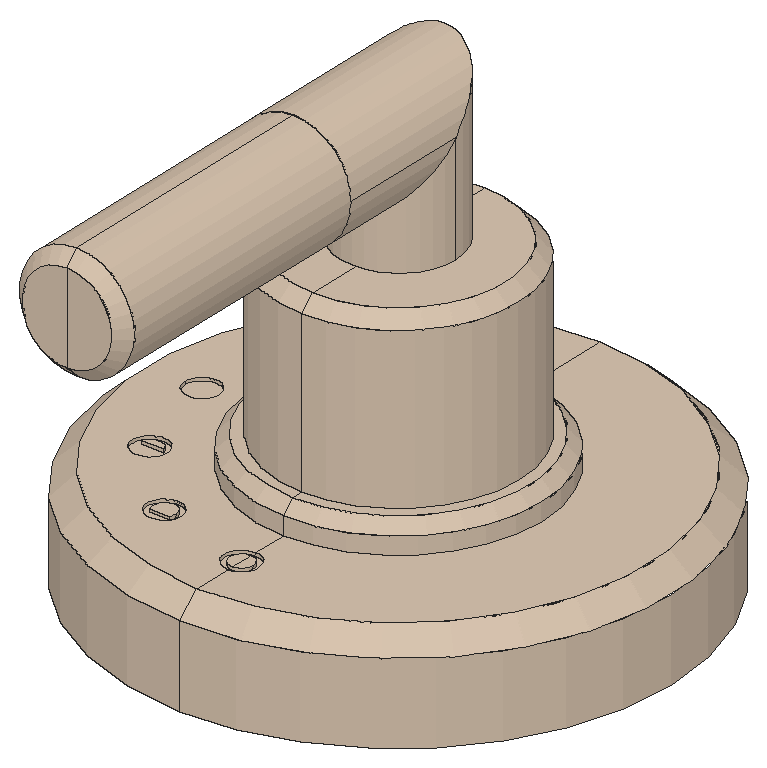
Revit family "Shower-Valve_Trim-KALLISTA-PINNA_PALETTA-P24923", category Specialty Equipment, host Face, Revit 2022
Family settings
  Host = Face
  Round Connector Dimension = Use Diameter
  Part Type = Normal
  OmniClass Number = 23.31.25.00
  Cut with Voids When Loaded = No
  Maintain Annotation Orientation = No
  Shared = No
  Room Calculation Point = No
Parameters (values of type "BAF, BAF-Brushed French Gold")
  Width = 3 189/256"  # constant formula
  WaterSense Certified = 1 = 0  # no
  URL = "https://www.kallista.com/"
  Type = 1
  Secondary Finish = Kallista-Metal-BAF-Brushed_French_Gold
  Product Page URL = "https://www.kallista.com/bathroom/showering/shower-trim/pinna-paletta-volume-control-trim-lever-handle-by-laura-kirar-p24923-baf-baf"
  Product Name = "PINNA PALETTA"  # constant formula
  Product Documentation Link = "https://resources.kohler.com/interiors/kallista/pdf/1266040-4.pdf"
  Model = if(Type = 1, "P24923-BAF-BAF", if(Type = 2, "P24923-BAF-BN", if(Type = 3, "P24923-CPH-CP", if(Type = 4, "P24923-SNW-SN", if(Type = 5, "P24923-ULB-ULB", if(Type = 6, "P24923-BNW-BN", "NA"))))))  # "P24923-BAF-BAF"
  Material = "Solid Brass Construction"  # constant formula
  Master Format 2014 Name = "Toilet, Bath, and Laundry Accessories"  # constant formula
  Master Format 2014 = "10 28 00"  # constant formula
  Manufacturer Address = "444 Highland Dr, Kohler, WI 53044"  # constant formula
  Manufacturer = "Kallista Co."  # constant formula
  Length [instance] = 3 29/128"  # constant formula
  Height = 3.74016"  # constant formula
  Finish = Kallista-Metal-BAF-Brushed_French_Gold
  Environmental Product Declaration = ""
  Description = "VOLUME CONTROL TRIM, LEVER HANDLE"  # constant formula
  Default Elevation = 42"
  Declare Label = ""
  Date Modified = "11/27/2023"  # constant formula
  Date Created = "03/11/2022"  # constant formula
  Copyright = "Copyright Kallista Co."  # constant formula
  Contact Us = "https://www.kallista.com/corporate/contact-us/"
  Assembly Code = "C1030200"
  ADA Compliant = 1 = 1  # yes
Types (7): name | Type | Secondary Finish | Product Page URL | Model | Finish
  (no name) | 1 | Kallista-Metal-BAF-Brushed_French_Gold | "https://www.kallista.com/bathroom/showering/shower-trim/pinna-paletta-volume-control-trim-lever-handle-by-laura-kirar-p24923-baf-baf" | "P24923-BAF-BAF" | Kallista-Metal-BAF-Brushed_French_Gold
  BAF, BAF-Brushed French Gold | 1 | Kallista-Metal-BAF-Brushed_French_Gold | "https://www.kallista.com/bathroom/showering/shower-trim/pinna-paletta-volume-control-trim-lever-handle-by-laura-kirar-p24923-baf-baf" | "P24923-BAF-BAF" | Kallista-Metal-BAF-Brushed_French_Gold
  BAF, BN-Brushed Nickel | 2 | Kallista-Metal-BAF-Brushed_French_Gold | "" | "P24923-BAF-BN" | Kallista-Metal-BN-Brushed_Nickel
  CPH, CP-Chrome | 3 | Kallista-Metal-CPH-Polished_Chrome | "https://www.kallista.com/bathroom/showering/shower-trim/pinna-paletta-volume-control-trim-lever-handle-by-laura-kirar-p24923-cph-cp" | "P24923-CPH-CP" | Kallista-Metal-CP-Chrome
  SNW, SN-Polished Nickel | 4 | Kallista-Metal-SNW-Polished_Nickel | "https://www.kallista.com/bathroom/showering/shower-trim/pinna-paletta-volume-control-trim-lever-handle-by-laura-kirar-p24923-snw-sn" | "P24923-SNW-SN" | Kallista-Metal-SN-Polished_Nickel
  ULB, ULB-Unlaquered Brass | 5 | Kallista-Metal-ULB-Unlaquered_Brass | "https://www.kallista.com/bathroom/showering/shower-trim/pinna-paletta-volume-control-trim-lever-handle-by-laura-kirar-p24923-ulb-ulb" | "P24923-ULB-ULB" | Kallista-Metal-ULB-Unlaquered_Brass
  BNW, BN-Brushed Nickel | 6 | Kallista-Metal-BNW-Brushed_Nickel | "" | "P24923-BNW-BN" | Kallista-Metal-BN-Brushed_Nickel
Reference planes (in)
  plane 1 "Center (Front/Back)": y = 0
  plane 2: z = 0
  plane 3 "Center (Left/Right)": x = 0
  plane 4: x = -1.87008
  plane 5: x = 1.8682
  plane 6: y = 1.87008
  plane 7: y = -0.98425
  plane 8: y = 0.98425
  plane 9: x = 0.98425
  plane 10: x = -0.98425
  plane 11: y = -2.83465
  plane 12: z = 3.22656
  plane 13: z = 0.68898
  plane 14: z = 2.83465
  plane 15: z = 2.44094
  plane 16: y = -1.87008
Dimensions and locks (in)
  "Width": plane 4 to plane 5
  "Length": plane 12 to level
  plane 1 "Center (Front/Back)" to plane 11 = 2.83465"
  plane 11 to plane 6 = 4.70472"
  "Height": plane 6 to plane 16
  aligned and locked: plane 2 to host face
  aligned and locked: level to host face
Automatic sketch dimensions
  host sketch curve to host sketch curve = 96"  (x2)
Nested families (in)
  nested 1: "P24923" at (0, 0, 0), type "P24923"
Definition of nested family "P24923"
  Parameters (values of type "P24923")
    Secondry Material = none
    Material = none
    Default Elevation = 0"
  Reference planes (in)
    plane 1 "Center (Front/Back)": y = 0
    plane 2: z = 0
    plane 3 "Center (Left/Right)": x = 0
    plane 4: y = -2.83465
    plane 5: z = 0.68898
    plane 6: y = 0.98425
    plane 7: y = -0.98425
    plane 8: x = -0.98425
    plane 9: x = 0.98425
    plane 10: z = 3.22835
    plane 11: z = 2.44094
    plane 12: z = 2.83465
    plane 13: y = 1.87008
    plane 14: y = -1.87008
    plane 15: x = 1.87008
    plane 16: x = -1.87008
  Forms (in)
    Revolve 1, solid, material <- "Material", detail levels medium+fine
      sketch origin (0, 0, 0) x (0, 1, 0) y (0, 0, 1)
        loop
          line (0, 2.10094) -> (0, 0) -> (1.87008, 0) -> (1.87008, 0.55243) -> (1.72117, 0.68898) -> (0.98425, 0.68898) -> (0.98425, 0.80748) -> (0.90418, 0.88755) -> (0.82677, 0.88755) -> (0.82677, 1.97775) -> (0.73587, 2.06865) -> (0.33049, 2.06865) -> (0.33049, 2.10094) -> (0, 2.10094)
        axis (0, 0) -> (0, 2.10094)
      angle from 0 to 360
    Sweep 2, solid, material <- "Material", detail levels medium+fine
      path origin (0, 0, 0) x (0, 1, 0) y (0, 0, 1)
        loop
          line (0, 2.08801) -> (0, 2.83465) -> (-0.89567, 2.83465)
      profile origin (0, 0, 2.46133) x (0, -1, 0) y (1, 0, 0)
        loop
          circle (0, 0) r 0.3937
    Revolve 3, solid, material <- "Secondry Material", detail levels medium+fine
      sketch origin (0, 0, 0) x (0, 1, 0) y (0, 0, 1)
        loop
          line (-0.89567, 3.22835) -> (-2.74818, 3.22835) -> (-2.83465, 3.14188) -> (-2.83465, 2.83465) -> (-0.89567, 2.83465) -> (-0.89567, 3.22835)
        axis (-2.83465, 2.83465) -> (-0.89567, 2.83465)
      angle from 0 to 360
    Extrusion 4, void
      sketch origin (0, 0, 0) x (1, 0, 0) y (0, 1, 0)
        loop
          circle (-1.34247, 0) r 0.11811
        loop
          circle (0, -1.34247) r 0.11811
        loop
          circle (-1.16262, -0.67124) r 0.11811
        loop
          circle (-0.67124, -1.16262) r 0.11811
        loop
          circle (-1.16262, -0.67124) r 0.07917
        loop
          circle (0, -1.34247) r 0.07874
        loop
          circle (-0.67124, -1.16262) r 0.07874
      from 0.66929 to 0.7874
    Revolve 5, solid, material <- "Material", detail levels coarse
      sketch origin (0, 0, 0) x (0, 1, 0) y (0, 0, 1)
        loop
          line (0, 2.06865) -> (0, 0) -> (1.87008, 0) -> (1.87008, 0.68898) -> (0.98425, 0.68898) -> (0.98425, 2.06865) -> (0, 2.06865)
        axis (0, 2.06865) -> (0, 0)
      angle from 0 to 360
    Sweep 6, solid, material <- "Material", detail levels coarse
      path origin (0, 0, 0) x (0, 1, 0) y (0, 0, 1)
        loop
          line (-2.83465, 2.83465) -> (0, 2.83465) -> (0, 2.06865)
      profile origin (0, 0, 2.45165) x (1, 0, 0) y (0, 1, 0)
        loop
          circle (0, 0) r 0.3937
    Extrusion 7, void
      sketch origin (0, 0, 0) x (1, 0, 0) y (0, 1, 0)
        loop
          line (-1.08677, -0.64855) -> (-1.23846, -0.64855)
          arc (-1.23846, -0.64855) -> (-1.16262, -0.7504) -> (-1.08677, -0.64855) r 0.07917
        loop
          line (-0.60178, -1.1997) -> (-0.7407, -1.1997)
          arc (-0.7407, -1.1997) -> (-0.67124, -1.24136) -> (-0.60178, -1.1997) r 0.07874
      from 0.66929 to 0.7874
  Cuts and joins
    joined: Revolve 5, Sweep 6
    Extrusion 4, Extrusion 7 cuts Revolve 1
    joined: Revolve 1, Sweep 2
  Lines and regions (in)
    Masking region 1
      outline origin (0, 0, 0) x (0, 1, 0) y (0, 0, 1)
        loop
          line (1.87008, 0.55243) -> (1.73353, 0.68898) -> (0.98425, 0.68898) -> (0.98425, 0.80748) -> (0.90418, 0.88755) -> (0.82677, 0.88755) -> (0.82677, 1.97775) -> (0.73587, 2.06865) -> (0.33049, 2.06865) -> (0.29695, 2.08801) -> (0.3937, 2.08801) -> (0.3937, 3.11024)
          arc (0.3937, 3.11024) -> (0.35911, 3.19375) -> (0.27559, 3.22835) r 0.11811
          line (0.27559, 3.22835) -> (-2.74818, 3.22835) -> (-2.83465, 3.14188) -> (-2.83465, 2.52741) -> (-2.74818, 2.44094) -> (-0.51181, 2.44094)
          arc (-0.51181, 2.44094) -> (-0.42829, 2.40635) -> (-0.3937, 2.32283) r 0.11811
          line (-0.3937, 2.32283) -> (-0.3937, 2.08801) -> (-0.29695, 2.08801) -> (-0.33049, 2.06865) -> (-0.73587, 2.06865) -> (-0.82677, 1.97775) -> (-0.82677, 0.88755) -> (-0.90418, 0.88755) -> (-0.98425, 0.80748) -> (-0.98425, 0.68898) -> (-1.73353, 0.68898) -> (-1.87008, 0.55243) -> (-1.87008, 0) -> (1.87008, 0) -> (1.87008, 0.55243)
    Masking region 2
      outline origin (0, 0, 0) x (1, 0, 0) y (0, 1, 0)
        loop
          arc (0.3937, -1.82817) -> (0, 1.87008) -> (-0.3937, -1.82817) r 1.87008
          line (-0.3937, -1.82817) -> (-0.3937, -2.74818) -> (-0.30724, -2.83465) -> (0.30724, -2.83465) -> (0.3937, -2.74818) -> (0.3937, -1.82817)
    Masking region 3
      outline origin (0, 0, 0) x (1, 0, 0) y (0, 0, 1)
        loop
          line (1.87008, 0.55243) -> (1.73353, 0.68898) -> (0.98425, 0.68898) -> (0.98425, 0.80748) -> (0.90418, 0.88755) -> (0.82677, 0.88755) -> (0.82677, 1.97775) -> (0.73587, 2.06865) -> (0.33049, 2.06865) -> (0.29695, 2.08801) -> (0.3937, 2.08801) -> (0.3937, 2.83465)
          arc (0.3937, 2.83465) -> (0, 3.22835) -> (-0.3937, 2.83465) r 0.3937
          line (-0.3937, 2.83465) -> (-0.3937, 2.08801) -> (-0.29695, 2.08801) -> (-0.33049, 2.06865) -> (-0.73587, 2.06865) -> (-0.82677, 1.97775) -> (-0.82677, 0.88755) -> (-0.90418, 0.88755) -> (-0.98425, 0.80748) -> (-0.98425, 0.68898) -> (-1.73353, 0.68898) -> (-1.87008, 0.55243) -> (-1.87008, 0) -> (1.87008, 0) -> (1.87008, 0.55243)
    symbolic lines, detail levels medium+fine
      curve 1: line (0, 1.87008, 0.55243) -> (0, -1.87008, 0.55243)
      curve 2: line (0, 0.98425, 0.68898) -> (0, -0.98425, 0.68898)
      curve 3: line (0, 0.82677, 0.88755) -> (0, -0.82677, 0.88755)
      curve 4: line (0, -0.98425, 0.80748) -> (0, 0.98425, 0.80748)
      curve 5: line (0, 0.82677, 1.97775) -> (0, -0.82677, 1.97775)
      curve 6: line (0, 0.29695, 2.08801) -> (0, -0.29695, 2.08801)
      curve 7: line (0, -0.33049, 2.06865) -> (0, 0.33049, 2.06865)
      curve 8: line (0, -0.89567, 3.22835) -> (0, -0.89567, 2.44094)
      curve 9: line (0, -2.74818, 3.22835) -> (0, -2.74818, 2.44094)
      curve 10: line (0, -0.89567, 2.88026) -> (0, -0.94128, 2.83465)
      curve 11: line (0, -0.89567, 2.959) -> (0, -1.02002, 2.83465)
      curve 12: line (0, -0.89567, 3.03774) -> (0, -1.09876, 2.83465)
      curve 13: line (0, -0.89567, 3.11648) -> (0, -1.1775, 2.83465)
      curve 14: line (0, -0.89567, 3.19522) -> (0, -1.25624, 2.83465)
      curve 15: line (0, -0.94128, 3.22835) -> (0, -1.33498, 2.83465)
      curve 16: line (0, -1.02002, 3.22835) -> (0, -1.41372, 2.83465)
      curve 17: line (0, -1.09876, 3.22835) -> (0, -1.49246, 2.83465)
      curve 18: line (0, -1.1775, 3.22835) -> (0, -1.5712, 2.83465)
      curve 19: line (0, -1.25624, 3.22835) -> (0, -1.64994, 2.83465)
      curve 20: line (0, -1.33498, 3.22835) -> (0, -1.72868, 2.83465)
      curve 21: line (0, -1.41372, 3.22835) -> (0, -1.80742, 2.83465)
      curve 22: line (0, -1.49246, 3.22835) -> (0, -1.88616, 2.83465)
      curve 23: line (0, -1.5712, 3.22835) -> (0, -1.9649, 2.83465)
      curve 24: line (0, -1.64994, 3.22835) -> (0, -2.04365, 2.83465)
      curve 25: line (0, -1.72868, 3.22835) -> (0, -2.12239, 2.83465)
      curve 26: line (0, -1.80742, 3.22835) -> (0, -2.20113, 2.83465)
      curve 27: line (0, -1.88616, 3.22835) -> (0, -2.27987, 2.83465)
      curve 28: line (0, -1.9649, 3.22835) -> (0, -2.35861, 2.83465)
      curve 29: line (0, -2.04365, 3.22835) -> (0, -2.43735, 2.83465)
      curve 30: line (0, -2.12239, 3.22835) -> (0, -2.51609, 2.83465)
      curve 31: line (0, -2.20113, 3.22835) -> (0, -2.59483, 2.83465)
      curve 32: line (0, -2.27987, 3.22835) -> (0, -2.67357, 2.83465)
      curve 33: line (0, -2.35861, 3.22835) -> (0, -2.74818, 2.83877)
      curve 34: line (0, -2.43735, 3.22835) -> (0, -2.74818, 2.91751)
      curve 35: line (0, -2.51609, 3.22835) -> (0, -2.74818, 2.99625)
      curve 36: line (0, -2.59483, 3.22835) -> (0, -2.74818, 3.07499)
      curve 37: line (0, -2.67357, 3.22835) -> (0, -2.74818, 3.15373)
      curve 38: line (0, -0.89567, 2.78903) -> (0, -0.94128, 2.83465)
      curve 39: line (0, -0.89567, 2.71029) -> (0, -1.02002, 2.83465)
      curve 40: line (0, -0.89567, 2.63155) -> (0, -1.09876, 2.83465)
      curve 41: line (0, -0.89567, 2.55281) -> (0, -1.1775, 2.83465)
      curve 42: line (0, -0.89567, 2.47407) -> (0, -1.25624, 2.83465)
      curve 43: line (0, -0.94128, 2.44094) -> (0, -1.33498, 2.83465)
      curve 44: line (0, -1.02002, 2.44094) -> (0, -1.41372, 2.83465)
      curve 45: line (0, -1.09876, 2.44094) -> (0, -1.49246, 2.83465)
      curve 46: line (0, -1.1775, 2.44094) -> (0, -1.5712, 2.83465)
      curve 47: line (0, -1.25624, 2.44094) -> (0, -1.64994, 2.83465)
      curve 48: line (0, -1.33498, 2.44094) -> (0, -1.72868, 2.83465)
      curve 49: line (0, -1.41372, 2.44094) -> (0, -1.80742, 2.83465)
      curve 50: line (0, -1.49246, 2.44094) -> (0, -1.88616, 2.83465)
      curve 51: line (0, -1.5712, 2.44094) -> (0, -1.9649, 2.83465)
      curve 52: line (0, -1.64994, 2.44094) -> (0, -2.04365, 2.83465)
      curve 53: line (0, -1.72868, 2.44094) -> (0, -2.12239, 2.83465)
      curve 54: line (0, -1.80742, 2.44094) -> (0, -2.20113, 2.83465)
      curve 55: line (0, -1.88616, 2.44094) -> (0, -2.27987, 2.83465)
      curve 56: line (0, -1.9649, 2.44094) -> (0, -2.35861, 2.83465)
      curve 57: line (0, -2.04365, 2.44094) -> (0, -2.43735, 2.83465)
      curve 58: line (0, -2.12239, 2.44094) -> (0, -2.51609, 2.83465)
      curve 59: line (0, -2.20113, 2.44094) -> (0, -2.59483, 2.83465)
      curve 60: line (0, -2.27987, 2.44094) -> (0, -2.67357, 2.83465)
      curve 61: line (0, -2.35861, 2.44094) -> (0, -2.74818, 2.83052)
      curve 62: line (0, -2.43735, 2.44094) -> (0, -2.74818, 2.75178)
      curve 63: line (0, -2.51609, 2.44094) -> (0, -2.74818, 2.67304)
      curve 64: line (0, -2.59483, 2.44094) -> (0, -2.74818, 2.5943)
      curve 65: line (0, -2.67357, 2.44094) -> (0, -2.74818, 2.51556)
      curve 66: arc (0.3937, -0.90208, 0) -> (0, 0.98425, 0) -> (-0.3937, -0.90208, 0) r 0.98425
      curve 67: arc (-0.3937, -0.81397, 0) -> (0, 0.90418, 0) -> (0.3937, -0.81397, 0) r 0.90418
      curve 68: arc (0.3937, -0.72702, 0) -> (0, 0.82677, 0) -> (-0.3937, -0.72702, 0) r 0.82677
      curve 69: arc (-0.3937, -0.62169, 0) -> (0, 0.73587, 0) -> (0.3937, -0.62169, 0) r 0.73587
      curve 70: arc (-0.3937, 0, 0) -> (0, 0.3937, 0) -> (0.3937, 0, 0) r 0.3937
      curve 71: line (0.3937, -2.74818, 0) -> (-0.3937, -2.74818, 0)
      curve 72: line (0.3937, -1.83044, 0) -> (0.3937, 0, 0)
      curve 73: line (-0.3937, -1.83044, 0) -> (-0.3937, 0, 0)
      curve 74: line (0.3937, -0.89567, 0) -> (-0.3937, -0.89567, 0)
      curve 75: line (-0.0516, -2.74818, 0) -> (0, -2.69658, 0)
      curve 76: line (-0.13034, -2.74818, 0) -> (0, -2.61784, 0)
      curve 77: line (-0.20908, -2.74818, 0) -> (0, -2.5391, 0)
      curve 78: line (-0.28782, -2.74818, 0) -> (0, -2.46036, 0)
      curve 79: line (-0.36656, -2.74818, 0) -> (0, -2.38162, 0)
      curve 80: line (-0.3937, -2.69658, 0) -> (0, -2.30288, 0)
      curve 81: line (-0.3937, -2.61784, 0) -> (0, -2.22414, 0)
      curve 82: line (-0.3937, -2.5391, 0) -> (0, -2.1454, 0)
      curve 83: line (-0.3937, -2.46036, 0) -> (0, -2.06666, 0)
      curve 84: line (-0.3937, -2.38162, 0) -> (0, -1.98792, 0)
      curve 85: line (-0.3937, -2.30288, 0) -> (0, -1.90918, 0)
      curve 86: line (-0.3937, -2.22414, 0) -> (0, -1.83044, 0)
      curve 87: line (-0.3937, -2.1454, 0) -> (0, -1.7517, 0)
      curve 88: line (-0.3937, -2.06666, 0) -> (0, -1.67296, 0)
      curve 89: line (-0.3937, -1.98792, 0) -> (0, -1.59422, 0)
      curve 90: line (-0.3937, -1.90918, 0) -> (0, -1.51548, 0)
      curve 91: line (-0.3937, -1.83044, 0) -> (0, -1.43674, 0)
      curve 92: line (-0.3937, -1.7517, 0) -> (0, -1.358, 0)
      curve 93: line (-0.3937, -1.67296, 0) -> (0, -1.27926, 0)
      curve 94: line (-0.3937, -1.59422, 0) -> (0, -1.20052, 0)
      curve 95: line (-0.3937, -1.51548, 0) -> (0, -1.12178, 0)
      curve 96: line (-0.3937, -1.43674, 0) -> (0, -1.04304, 0)
      curve 97: line (-0.3937, -1.358, 0) -> (0, -0.9643, 0)
      curve 98: line (-0.3937, -1.27926, 0) -> (-0.01011, -0.89567, 0)
      curve 99: line (-0.3937, -1.20052, 0) -> (-0.08885, -0.89567, 0)
      curve 100: line (-0.3937, -1.12178, 0) -> (-0.16759, -0.89567, 0)
      curve 101: line (-0.3937, -1.04304, 0) -> (-0.24633, -0.89567, 0)
      curve 102: line (-0.3937, -0.9643, 0) -> (-0.32507, -0.89567, 0)
      curve 103: line (0.0516, -2.74818, 0) -> (0, -2.69658, 0)
      curve 104: line (0.13034, -2.74818, 0) -> (0, -2.61784, 0)
      curve 105: line (0.20908, -2.74818, 0) -> (0, -2.5391, 0)
      curve 106: line (0.28782, -2.74818, 0) -> (0, -2.46036, 0)
      curve 107: line (0.36656, -2.74818, 0) -> (0, -2.38162, 0)
      curve 108: line (0.3937, -2.69658, 0) -> (0, -2.30288, 0)
      curve 109: line (0.3937, -2.61784, 0) -> (0, -2.22414, 0)
      curve 110: line (0.3937, -2.5391, 0) -> (0, -2.1454, 0)
      curve 111: line (0.3937, -2.46036, 0) -> (0, -2.06666, 0)
      curve 112: line (0.3937, -2.38162, 0) -> (0, -1.98792, 0)
      curve 113: line (0.3937, -2.30288, 0) -> (0, -1.90918, 0)
      curve 114: line (0.3937, -2.22414, 0) -> (0, -1.83044, 0)
      curve 115: line (0.3937, -2.1454, 0) -> (0, -1.7517, 0)
      curve 116: line (0.3937, -2.06666, 0) -> (0, -1.67296, 0)
      curve 117: line (0.3937, -1.98792, 0) -> (0, -1.59422, 0)
      curve 118: line (0.3937, -1.90918, 0) -> (0, -1.51548, 0)
      curve 119: line (0.3937, -1.83044, 0) -> (0, -1.43674, 0)
      curve 120: line (0.3937, -1.7517, 0) -> (0, -1.358, 0)
      curve 121: line (0.3937, -1.67296, 0) -> (0, -1.27926, 0)
      curve 122: line (0.3937, -1.59422, 0) -> (0, -1.20052, 0)
      curve 123: line (0.3937, -1.51548, 0) -> (0, -1.12178, 0)
      curve 124: line (0.3937, -1.43674, 0) -> (0, -1.04304, 0)
      curve 125: line (0.3937, -1.358, 0) -> (0, -0.9643, 0)
      curve 126: line (0.3937, -1.27926, 0) -> (0.01011, -0.89567, 0)
      curve 127: line (0.3937, -1.20052, 0) -> (0.08885, -0.89567, 0)
      curve 128: line (0.3937, -1.12178, 0) -> (0.16759, -0.89567, 0)
      curve 129: line (0.3937, -1.04304, 0) -> (0.24633, -0.89567, 0)
      curve 130: line (0.3937, -0.9643, 0) -> (0.32507, -0.89567, 0)
      curve 131: line (1.87008, 0, 0.55243) -> (-1.87008, 0, 0.55243)
      curve 132: line (0.98425, 0, 0.68898) -> (-0.98425, 0, 0.68898)
      curve 133: line (0.82677, 0, 0.88755) -> (-0.82677, 0, 0.88755)
      curve 134: line (-0.98425, 0, 0.80748) -> (0.98425, 0, 0.80748)
      curve 135: line (0.29695, 0, 2.08801) -> (-0.29695, 0, 2.08801)
      curve 136: line (0.33049, 0, 2.06865) -> (-0.33049, 0, 2.06865)
      curve 137: line (0.82677, 0, 1.97775) -> (-0.82677, 0, 1.97775)
      curve 138: arc (-0.3937, -1.67554, 0) -> (0, 1.72117, 0) -> (0.3937, -1.67554, 0) r 1.72117
      curve 139: circle (-1.34247, 0, 0) r 0.11811 normal (0, 0, 1)
      curve 140: circle (-1.16262, -0.67124, 0) r 0.11811 normal (0, 0, 1)
      curve 141: arc (-1.23846, -0.64855, 0) -> (-1.16262, -0.59207, 0) -> (-1.08677, -0.64855, 0) r 0.07917
      curve 142: line (-1.08677, -0.64855, 0) -> (-1.23846, -0.64855, 0)
      curve 143: arc (-0.7407, -1.1997, 0) -> (-0.67124, -1.08388, 0) -> (-0.60178, -1.1997, 0) r 0.07874
      curve 144: line (-0.60178, -1.1997, 0) -> (-0.7407, -1.1997, 0)
      curve 145: circle (-0.67124, -1.16262, 0) r 0.11811 normal (0, 0, 1)
  Dimensions and locks (in)
    locked: plane 1 "Center (Front/Back)" to plane 4 at 2.83465
    locked: plane 5 to level at 0.68898
    locked: plane 8 to plane 9 at 1.9685
    locked: plane 6 to plane 7 at 1.9685
    locked: plane 6 to Revolve 1 sketch curve at 0.15748
    locked: plane 10 to level at 3.22835
    locked: plane 11 to plane 10 at 0.7874
    locked: plane 12 to plane 10 at 0.3937
    locked: plane 16 to plane 15 at 3.74016
    locked: plane 14 to plane 13 at 3.74016
    aligned and locked: plane 2 to level
    aligned and locked: Revolve 1 sketch curve to plane 5
    aligned and locked: Revolve 1 sketch curve to level
    aligned and locked: Revolve 1 sketch curve to plane 1 "Center (Front/Back)"
    aligned and locked: plane 1 "Center (Front/Back)" to Revolve 1 sketch curve
    aligned and locked: plane 6 to Revolve 1 sketch curve
    aligned and locked: plane 1 "Center (Front/Back)" to Sweep 2 sketch curve
    aligned and locked: Revolve 3 sketch curve to plane 4
    aligned and locked: Revolve 3 sketch curve to Revolve 3 sketch curve
    aligned and locked: plane 1 "Center (Front/Back)" to Revolve 5 sketch curve
    aligned and locked: plane 5 to Revolve 5 sketch curve
    aligned and locked: plane 6 to Revolve 5 sketch curve
    aligned and locked: Revolve 5 sketch curve to plane 1 "Center (Front/Back)"
    aligned and locked: plane 1 "Center (Front/Back)" to Sweep 6 sketch curve
    aligned and locked: plane 12 to Revolve 3 sketch curve
    aligned and locked: cut or joined group of Revolve 1, Sweep 2, Extrusion 4, Extrusion 7 to Masking region 1 sketch curve
    aligned and locked: Masking region 1 sketch curve to cut or joined group of Revolve 1, Sweep 2, Extrusion 4, Extrusion 7  (x2)
    aligned and locked: plane 6 to Masking region 1 sketch curve
    aligned and locked: Masking region 2 sketch curve to cut or joined group of Revolve 1, Sweep 2, Extrusion 4, Extrusion 7
    aligned and locked: Revolve 5 sketch curve to plane 13
